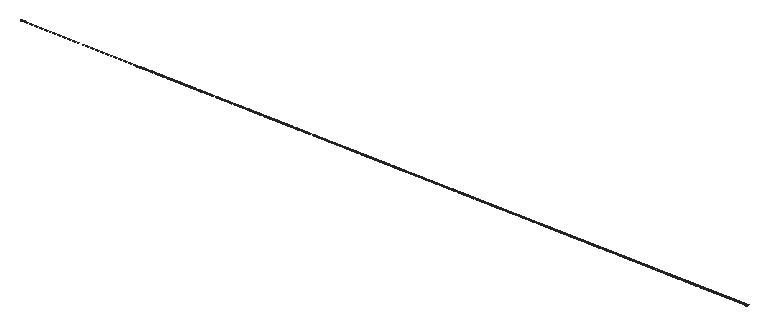
Revit family "0068169", category Lighting Fixtures, host Face, Revit 2017 (continued)
Forms (mm)
  Extrusion 71, solid
    sketch origin (1399.429, 0, 0) x (1, 0, 0) y (0, 1, 0)
      loop
        line (17.9, 1.5) -> (17.9, -1.5) -> (19.9, -1.5) -> (19.9, 1.5) -> (17.9, 1.5)
      loop
        line (34.5, 1.5) -> (34.5, -1.5) -> (36.5, -1.5) -> (36.5, 1.5) -> (34.5, 1.5)
      loop
        line (67.7, 1.5) -> (67.7, -1.5) -> (69.7, -1.5) -> (69.7, 1.5) -> (67.7, 1.5)
      loop
        line (84.3, 1.5) -> (84.3, -1.5) -> (86.3, -1.5) -> (86.3, 1.5) -> (84.3, 1.5)
    from -1.2 to -0.5
  Extrusion 72, solid
    sketch origin (1499.388, 0, 0) x (1, 0, 0) y (0, 1, 0)
      loop
        line (17.9, 1.5) -> (17.9, -1.5) -> (19.9, -1.5) -> (19.9, 1.5) -> (17.9, 1.5)
      loop
        line (34.5, 1.5) -> (34.5, -1.5) -> (36.5, -1.5) -> (36.5, 1.5) -> (34.5, 1.5)
      loop
        line (67.7, 1.5) -> (67.7, -1.5) -> (69.7, -1.5) -> (69.7, 1.5) -> (67.7, 1.5)
      loop
        line (84.3, 1.5) -> (84.3, -1.5) -> (86.3, -1.5) -> (86.3, 1.5) -> (84.3, 1.5)
    from -1.2 to -0.5
  Extrusion 73, solid
    sketch origin (1599.347, 0, 0) x (1, 0, 0) y (0, 1, 0)
      loop
        line (17.9, 1.5) -> (17.9, -1.5) -> (19.9, -1.5) -> (19.9, 1.5) -> (17.9, 1.5)
      loop
        line (34.5, 1.5) -> (34.5, -1.5) -> (36.5, -1.5) -> (36.5, 1.5) -> (34.5, 1.5)
      loop
        line (67.7, 1.5) -> (67.7, -1.5) -> (69.7, -1.5) -> (69.7, 1.5) -> (67.7, 1.5)
      loop
        line (84.3, 1.5) -> (84.3, -1.5) -> (86.3, -1.5) -> (86.3, 1.5) -> (84.3, 1.5)
    from -1.2 to -0.5
  Extrusion 74, solid
    sketch origin (1699.306, 0, 0) x (1, 0, 0) y (0, 1, 0)
      loop
        line (17.9, 1.5) -> (17.9, -1.5) -> (19.9, -1.5) -> (19.9, 1.5) -> (17.9, 1.5)
      loop
        line (34.5, 1.5) -> (34.5, -1.5) -> (36.5, -1.5) -> (36.5, 1.5) -> (34.5, 1.5)
      loop
        line (67.7, 1.5) -> (67.7, -1.5) -> (69.7, -1.5) -> (69.7, 1.5) -> (67.7, 1.5)
      loop
        line (84.3, 1.5) -> (84.3, -1.5) -> (86.3, -1.5) -> (86.3, 1.5) -> (84.3, 1.5)
    from -1.2 to -0.5
  Extrusion 75, solid
    sketch origin (1799.265, 0, 0) x (1, 0, 0) y (0, 1, 0)
      loop
        line (17.9, 1.5) -> (17.9, -1.5) -> (19.9, -1.5) -> (19.9, 1.5) -> (17.9, 1.5)
      loop
        line (34.5, 1.5) -> (34.5, -1.5) -> (36.5, -1.5) -> (36.5, 1.5) -> (34.5, 1.5)
      loop
        line (67.7, 1.5) -> (67.7, -1.5) -> (69.7, -1.5) -> (69.7, 1.5) -> (67.7, 1.5)
      loop
        line (84.3, 1.5) -> (84.3, -1.5) -> (86.3, -1.5) -> (86.3, 1.5) -> (84.3, 1.5)
    from -1.2 to -0.5
  Extrusion 76, solid
    sketch origin (1899.224, 0, 0) x (1, 0, 0) y (0, 1, 0)
      loop
        line (17.9, 1.5) -> (17.9, -1.5) -> (19.9, -1.5) -> (19.9, 1.5) -> (17.9, 1.5)
      loop
        line (34.5, 1.5) -> (34.5, -1.5) -> (36.5, -1.5) -> (36.5, 1.5) -> (34.5, 1.5)
      loop
        line (67.7, 1.5) -> (67.7, -1.5) -> (69.7, -1.5) -> (69.7, 1.5) -> (67.7, 1.5)
      loop
        line (84.3, 1.5) -> (84.3, -1.5) -> (86.3, -1.5) -> (86.3, 1.5) -> (84.3, 1.5)
    from -1.2 to -0.5
  Extrusion 77, solid
    sketch origin (1999.184, 0, 0) x (1, 0, 0) y (0, 1, 0)
      loop
        line (17.9, 1.5) -> (17.9, -1.5) -> (19.9, -1.5) -> (19.9, 1.5) -> (17.9, 1.5)
      loop
        line (34.5, 1.5) -> (34.5, -1.5) -> (36.5, -1.5) -> (36.5, 1.5) -> (34.5, 1.5)
      loop
        line (67.7, 1.5) -> (67.7, -1.5) -> (69.7, -1.5) -> (69.7, 1.5) -> (67.7, 1.5)
      loop
        line (84.3, 1.5) -> (84.3, -1.5) -> (86.3, -1.5) -> (86.3, 1.5) -> (84.3, 1.5)
    from -1.2 to -0.5
  Extrusion 78, solid
    sketch origin (2099.143, 0, 0) x (1, 0, 0) y (0, 1, 0)
      loop
        line (17.9, 1.5) -> (17.9, -1.5) -> (19.9, -1.5) -> (19.9, 1.5) -> (17.9, 1.5)
      loop
        line (34.5, 1.5) -> (34.5, -1.5) -> (36.5, -1.5) -> (36.5, 1.5) -> (34.5, 1.5)
      loop
        line (67.7, 1.5) -> (67.7, -1.5) -> (69.7, -1.5) -> (69.7, 1.5) -> (67.7, 1.5)
      loop
        line (84.3, 1.5) -> (84.3, -1.5) -> (86.3, -1.5) -> (86.3, 1.5) -> (84.3, 1.5)
    from -1.2 to -0.5
  Extrusion 79, solid
    sketch origin (2199.102, 0, 0) x (1, 0, 0) y (0, 1, 0)
      loop
        line (17.9, 1.5) -> (17.9, -1.5) -> (19.9, -1.5) -> (19.9, 1.5) -> (17.9, 1.5)
      loop
        line (34.5, 1.5) -> (34.5, -1.5) -> (36.5, -1.5) -> (36.5, 1.5) -> (34.5, 1.5)
      loop
        line (67.7, 1.5) -> (67.7, -1.5) -> (69.7, -1.5) -> (69.7, 1.5) -> (67.7, 1.5)
      loop
        line (84.3, 1.5) -> (84.3, -1.5) -> (86.3, -1.5) -> (86.3, 1.5) -> (84.3, 1.5)
    from -1.2 to -0.5
  Extrusion 80, solid
    sketch origin (2299.061, 0, 0) x (1, 0, 0) y (0, 1, 0)
      loop
        line (17.9, 1.5) -> (17.9, -1.5) -> (19.9, -1.5) -> (19.9, 1.5) -> (17.9, 1.5)
      loop
        line (34.5, 1.5) -> (34.5, -1.5) -> (36.5, -1.5) -> (36.5, 1.5) -> (34.5, 1.5)
      loop
        line (67.7, 1.5) -> (67.7, -1.5) -> (69.7, -1.5) -> (69.7, 1.5) -> (67.7, 1.5)
      loop
        line (84.3, 1.5) -> (84.3, -1.5) -> (86.3, -1.5) -> (86.3, 1.5) -> (84.3, 1.5)
    from -1.2 to -0.5
  Extrusion 81, solid
    sketch origin (2399.02, 0, 0) x (1, 0, 0) y (0, 1, 0)
      loop
        line (17.9, 1.5) -> (17.9, -1.5) -> (19.9, -1.5) -> (19.9, 1.5) -> (17.9, 1.5)
      loop
        line (34.5, 1.5) -> (34.5, -1.5) -> (36.5, -1.5) -> (36.5, 1.5) -> (34.5, 1.5)
      loop
        line (67.7, 1.5) -> (67.7, -1.5) -> (69.7, -1.5) -> (69.7, 1.5) -> (67.7, 1.5)
      loop
        line (84.3, 1.5) -> (84.3, -1.5) -> (86.3, -1.5) -> (86.3, 1.5) -> (84.3, 1.5)
    from -1.2 to -0.5
  Extrusion 82, solid
    sketch origin (2498.98, 0, 0) x (1, 0, 0) y (0, 1, 0)
      loop
        line (17.9, 1.5) -> (17.9, -1.5) -> (19.9, -1.5) -> (19.9, 1.5) -> (17.9, 1.5)
      loop
        line (34.5, 1.5) -> (34.5, -1.5) -> (36.5, -1.5) -> (36.5, 1.5) -> (34.5, 1.5)
      loop
        line (67.7, 1.5) -> (67.7, -1.5) -> (69.7, -1.5) -> (69.7, 1.5) -> (67.7, 1.5)
      loop
        line (84.3, 1.5) -> (84.3, -1.5) -> (86.3, -1.5) -> (86.3, 1.5) -> (84.3, 1.5)
    from -1.2 to -0.5
  Extrusion 83, solid
    sketch origin (2598.939, 0, 0) x (1, 0, 0) y (0, 1, 0)
      loop
        line (17.9, 1.5) -> (17.9, -1.5) -> (19.9, -1.5) -> (19.9, 1.5) -> (17.9, 1.5)
      loop
        line (34.5, 1.5) -> (34.5, -1.5) -> (36.5, -1.5) -> (36.5, 1.5) -> (34.5, 1.5)
      loop
        line (67.7, 1.5) -> (67.7, -1.5) -> (69.7, -1.5) -> (69.7, 1.5) -> (67.7, 1.5)
      loop
        line (84.3, 1.5) -> (84.3, -1.5) -> (86.3, -1.5) -> (86.3, 1.5) -> (84.3, 1.5)
    from -1.2 to -0.5
  Extrusion 84, solid
    sketch origin (2698.898, 0, 0) x (1, 0, 0) y (0, 1, 0)
      loop
        line (17.9, 1.5) -> (17.9, -1.5) -> (19.9, -1.5) -> (19.9, 1.5) -> (17.9, 1.5)
      loop
        line (34.5, 1.5) -> (34.5, -1.5) -> (36.5, -1.5) -> (36.5, 1.5) -> (34.5, 1.5)
      loop
        line (67.7, 1.5) -> (67.7, -1.5) -> (69.7, -1.5) -> (69.7, 1.5) -> (67.7, 1.5)
      loop
        line (84.3, 1.5) -> (84.3, -1.5) -> (86.3, -1.5) -> (86.3, 1.5) -> (84.3, 1.5)
    from -1.2 to -0.5
  Extrusion 85, solid
    sketch origin (2798.857, 0, 0) x (1, 0, 0) y (0, 1, 0)
      loop
        line (17.9, 1.5) -> (17.9, -1.5) -> (19.9, -1.5) -> (19.9, 1.5) -> (17.9, 1.5)
      loop
        line (34.5, 1.5) -> (34.5, -1.5) -> (36.5, -1.5) -> (36.5, 1.5) -> (34.5, 1.5)
      loop
        line (67.7, 1.5) -> (67.7, -1.5) -> (69.7, -1.5) -> (69.7, 1.5) -> (67.7, 1.5)
      loop
        line (84.3, 1.5) -> (84.3, -1.5) -> (86.3, -1.5) -> (86.3, 1.5) -> (84.3, 1.5)
    from -1.2 to -0.5
  Extrusion 86, solid
    sketch origin (2898.816, 0, 0) x (1, 0, 0) y (0, 1, 0)
      loop
        line (17.9, 1.5) -> (17.9, -1.5) -> (19.9, -1.5) -> (19.9, 1.5) -> (17.9, 1.5)
      loop
        line (34.5, 1.5) -> (34.5, -1.5) -> (36.5, -1.5) -> (36.5, 1.5) -> (34.5, 1.5)
      loop
        line (67.7, 1.5) -> (67.7, -1.5) -> (69.7, -1.5) -> (69.7, 1.5) -> (67.7, 1.5)
      loop
        line (84.3, 1.5) -> (84.3, -1.5) -> (86.3, -1.5) -> (86.3, 1.5) -> (84.3, 1.5)
    from -1.2 to -0.5
  Extrusion 87, solid
    sketch origin (2998.776, 0, 0) x (1, 0, 0) y (0, 1, 0)
      loop
        line (17.9, 1.5) -> (17.9, -1.5) -> (19.9, -1.5) -> (19.9, 1.5) -> (17.9, 1.5)
      loop
        line (34.5, 1.5) -> (34.5, -1.5) -> (36.5, -1.5) -> (36.5, 1.5) -> (34.5, 1.5)
      loop
        line (67.7, 1.5) -> (67.7, -1.5) -> (69.7, -1.5) -> (69.7, 1.5) -> (67.7, 1.5)
      loop
        line (84.3, 1.5) -> (84.3, -1.5) -> (86.3, -1.5) -> (86.3, 1.5) -> (84.3, 1.5)
    from -1.2 to -0.5
  Extrusion 88, solid
    sketch origin (3098.735, 0, 0) x (1, 0, 0) y (0, 1, 0)
      loop
        line (17.9, 1.5) -> (17.9, -1.5) -> (19.9, -1.5) -> (19.9, 1.5) -> (17.9, 1.5)
      loop
        line (34.5, 1.5) -> (34.5, -1.5) -> (36.5, -1.5) -> (36.5, 1.5) -> (34.5, 1.5)
      loop
        line (67.7, 1.5) -> (67.7, -1.5) -> (69.7, -1.5) -> (69.7, 1.5) -> (67.7, 1.5)
      loop
        line (84.3, 1.5) -> (84.3, -1.5) -> (86.3, -1.5) -> (86.3, 1.5) -> (84.3, 1.5)
    from -1.2 to -0.5
  Extrusion 89, solid
    sketch origin (3198.694, 0, 0) x (1, 0, 0) y (0, 1, 0)
      loop
        line (17.9, 1.5) -> (17.9, -1.5) -> (19.9, -1.5) -> (19.9, 1.5) -> (17.9, 1.5)
      loop
        line (34.5, 1.5) -> (34.5, -1.5) -> (36.5, -1.5) -> (36.5, 1.5) -> (34.5, 1.5)
      loop
        line (67.7, 1.5) -> (67.7, -1.5) -> (69.7, -1.5) -> (69.7, 1.5) -> (67.7, 1.5)
      loop
        line (84.3, 1.5) -> (84.3, -1.5) -> (86.3, -1.5) -> (86.3, 1.5) -> (84.3, 1.5)
    from -1.2 to -0.5
  Extrusion 90, solid
    sketch origin (3298.653, 0, 0) x (1, 0, 0) y (0, 1, 0)
      loop
        line (17.9, 1.5) -> (17.9, -1.5) -> (19.9, -1.5) -> (19.9, 1.5) -> (17.9, 1.5)
      loop
        line (34.5, 1.5) -> (34.5, -1.5) -> (36.5, -1.5) -> (36.5, 1.5) -> (34.5, 1.5)
      loop
        line (67.7, 1.5) -> (67.7, -1.5) -> (69.7, -1.5) -> (69.7, 1.5) -> (67.7, 1.5)
      loop
        line (84.3, 1.5) -> (84.3, -1.5) -> (86.3, -1.5) -> (86.3, 1.5) -> (84.3, 1.5)
    from -1.2 to -0.5
  Extrusion 91, solid
    sketch origin (3398.612, 0, 0) x (1, 0, 0) y (0, 1, 0)
      loop
        line (17.9, 1.5) -> (17.9, -1.5) -> (19.9, -1.5) -> (19.9, 1.5) -> (17.9, 1.5)
      loop
        line (34.5, 1.5) -> (34.5, -1.5) -> (36.5, -1.5) -> (36.5, 1.5) -> (34.5, 1.5)
      loop
        line (67.7, 1.5) -> (67.7, -1.5) -> (69.7, -1.5) -> (69.7, 1.5) -> (67.7, 1.5)
      loop
        line (84.3, 1.5) -> (84.3, -1.5) -> (86.3, -1.5) -> (86.3, 1.5) -> (84.3, 1.5)
    from -1.2 to -0.5
  Extrusion 92, solid
    sketch origin (3498.571, 0, 0) x (1, 0, 0) y (0, 1, 0)
      loop
        line (17.9, 1.5) -> (17.9, -1.5) -> (19.9, -1.5) -> (19.9, 1.5) -> (17.9, 1.5)
      loop
        line (34.5, 1.5) -> (34.5, -1.5) -> (36.5, -1.5) -> (36.5, 1.5) -> (34.5, 1.5)
      loop
        line (67.7, 1.5) -> (67.7, -1.5) -> (69.7, -1.5) -> (69.7, 1.5) -> (67.7, 1.5)
      loop
        line (84.3, 1.5) -> (84.3, -1.5) -> (86.3, -1.5) -> (86.3, 1.5) -> (84.3, 1.5)
    from -1.2 to -0.5
  Extrusion 93, solid
    sketch origin (3598.531, 0, 0) x (1, 0, 0) y (0, 1, 0)
      loop
        line (17.9, 1.5) -> (17.9, -1.5) -> (19.9, -1.5) -> (19.9, 1.5) -> (17.9, 1.5)
      loop
        line (34.5, 1.5) -> (34.5, -1.5) -> (36.5, -1.5) -> (36.5, 1.5) -> (34.5, 1.5)
      loop
        line (67.7, 1.5) -> (67.7, -1.5) -> (69.7, -1.5) -> (69.7, 1.5) -> (67.7, 1.5)
      loop
        line (84.3, 1.5) -> (84.3, -1.5) -> (86.3, -1.5) -> (86.3, 1.5) -> (84.3, 1.5)
    from -1.2 to -0.5
  Extrusion 94, solid
    sketch origin (3698.49, 0, 0) x (1, 0, 0) y (0, 1, 0)
      loop
        line (17.9, 1.5) -> (17.9, -1.5) -> (19.9, -1.5) -> (19.9, 1.5) -> (17.9, 1.5)
      loop
        line (34.5, 1.5) -> (34.5, -1.5) -> (36.5, -1.5) -> (36.5, 1.5) -> (34.5, 1.5)
      loop
        line (67.7, 1.5) -> (67.7, -1.5) -> (69.7, -1.5) -> (69.7, 1.5) -> (67.7, 1.5)
      loop
        line (84.3, 1.5) -> (84.3, -1.5) -> (86.3, -1.5) -> (86.3, 1.5) -> (84.3, 1.5)
    from -1.2 to -0.5
  Extrusion 95, solid
    sketch origin (3798.449, 0, 0) x (1, 0, 0) y (0, 1, 0)
      loop
        line (17.9, 1.5) -> (17.9, -1.5) -> (19.9, -1.5) -> (19.9, 1.5) -> (17.9, 1.5)
      loop
        line (34.5, 1.5) -> (34.5, -1.5) -> (36.5, -1.5) -> (36.5, 1.5) -> (34.5, 1.5)
      loop
        line (67.7, 1.5) -> (67.7, -1.5) -> (69.7, -1.5) -> (69.7, 1.5) -> (67.7, 1.5)
      loop
        line (84.3, 1.5) -> (84.3, -1.5) -> (86.3, -1.5) -> (86.3, 1.5) -> (84.3, 1.5)
    from -1.2 to -0.5
  Extrusion 96, solid
    sketch origin (3898.408, 0, 0) x (1, 0, 0) y (0, 1, 0)
      loop
        line (17.9, 1.5) -> (17.9, -1.5) -> (19.9, -1.5) -> (19.9, 1.5) -> (17.9, 1.5)
      loop
        line (34.5, 1.5) -> (34.5, -1.5) -> (36.5, -1.5) -> (36.5, 1.5) -> (34.5, 1.5)
      loop
        line (67.7, 1.5) -> (67.7, -1.5) -> (69.7, -1.5) -> (69.7, 1.5) -> (67.7, 1.5)
      loop
        line (84.3, 1.5) -> (84.3, -1.5) -> (86.3, -1.5) -> (86.3, 1.5) -> (84.3, 1.5)
    from -1.2 to -0.5
  Extrusion 97, solid
    sketch origin (3998.367, 0, 0) x (1, 0, 0) y (0, 1, 0)
      loop
        line (17.9, 1.5) -> (17.9, -1.5) -> (19.9, -1.5) -> (19.9, 1.5) -> (17.9, 1.5)
      loop
        line (34.5, 1.5) -> (34.5, -1.5) -> (36.5, -1.5) -> (36.5, 1.5) -> (34.5, 1.5)
      loop
        line (67.7, 1.5) -> (67.7, -1.5) -> (69.7, -1.5) -> (69.7, 1.5) -> (67.7, 1.5)
      loop
        line (84.3, 1.5) -> (84.3, -1.5) -> (86.3, -1.5) -> (86.3, 1.5) -> (84.3, 1.5)
    from -1.2 to -0.5
  Extrusion 98, solid
    sketch origin (4098.327, 0, 0) x (1, 0, 0) y (0, 1, 0)
      loop
        line (17.9, 1.5) -> (17.9, -1.5) -> (19.9, -1.5) -> (19.9, 1.5) -> (17.9, 1.5)
      loop
        line (34.5, 1.5) -> (34.5, -1.5) -> (36.5, -1.5) -> (36.5, 1.5) -> (34.5, 1.5)
      loop
        line (67.7, 1.5) -> (67.7, -1.5) -> (69.7, -1.5) -> (69.7, 1.5) -> (67.7, 1.5)
      loop
        line (84.3, 1.5) -> (84.3, -1.5) -> (86.3, -1.5) -> (86.3, 1.5) -> (84.3, 1.5)
    from -1.2 to -0.5
  Extrusion 99, solid
    sketch origin (4198.286, 0, 0) x (1, 0, 0) y (0, 1, 0)
      loop
        line (17.9, 1.5) -> (17.9, -1.5) -> (19.9, -1.5) -> (19.9, 1.5) -> (17.9, 1.5)
      loop
        line (34.5, 1.5) -> (34.5, -1.5) -> (36.5, -1.5) -> (36.5, 1.5) -> (34.5, 1.5)
      loop
        line (67.7, 1.5) -> (67.7, -1.5) -> (69.7, -1.5) -> (69.7, 1.5) -> (67.7, 1.5)
      loop
        line (84.3, 1.5) -> (84.3, -1.5) -> (86.3, -1.5) -> (86.3, 1.5) -> (84.3, 1.5)
    from -1.2 to -0.5
  Extrusion 100, solid
    sketch origin (4298.245, 0, 0) x (1, 0, 0) y (0, 1, 0)
      loop
        line (17.9, 1.5) -> (17.9, -1.5) -> (19.9, -1.5) -> (19.9, 1.5) -> (17.9, 1.5)
      loop
        line (34.5, 1.5) -> (34.5, -1.5) -> (36.5, -1.5) -> (36.5, 1.5) -> (34.5, 1.5)
      loop
        line (67.7, 1.5) -> (67.7, -1.5) -> (69.7, -1.5) -> (69.7, 1.5) -> (67.7, 1.5)
      loop
        line (84.3, 1.5) -> (84.3, -1.5) -> (86.3, -1.5) -> (86.3, 1.5) -> (84.3, 1.5)
    from -1.2 to -0.5
  Extrusion 101, solid
    sketch origin (4398.204, 0, 0) x (1, 0, 0) y (0, 1, 0)
      loop
        line (17.9, 1.5) -> (17.9, -1.5) -> (19.9, -1.5) -> (19.9, 1.5) -> (17.9, 1.5)
      loop
        line (34.5, 1.5) -> (34.5, -1.5) -> (36.5, -1.5) -> (36.5, 1.5) -> (34.5, 1.5)
      loop
        line (67.7, 1.5) -> (67.7, -1.5) -> (69.7, -1.5) -> (69.7, 1.5) -> (67.7, 1.5)
      loop
        line (84.3, 1.5) -> (84.3, -1.5) -> (86.3, -1.5) -> (86.3, 1.5) -> (84.3, 1.5)
    from -1.2 to -0.5
  Extrusion 102, solid
    sketch origin (4498.163, 0, 0) x (1, 0, 0) y (0, 1, 0)
      loop
        line (17.9, 1.5) -> (17.9, -1.5) -> (19.9, -1.5) -> (19.9, 1.5) -> (17.9, 1.5)
      loop
        line (34.5, 1.5) -> (34.5, -1.5) -> (36.5, -1.5) -> (36.5, 1.5) -> (34.5, 1.5)
      loop
        line (67.7, 1.5) -> (67.7, -1.5) -> (69.7, -1.5) -> (69.7, 1.5) -> (67.7, 1.5)
      loop
        line (84.3, 1.5) -> (84.3, -1.5) -> (86.3, -1.5) -> (86.3, 1.5) -> (84.3, 1.5)
    from -1.2 to -0.5
  Extrusion 103, solid
    sketch origin (4598.122, 0, 0) x (1, 0, 0) y (0, 1, 0)
      loop
        line (17.9, 1.5) -> (17.9, -1.5) -> (19.9, -1.5) -> (19.9, 1.5) -> (17.9, 1.5)
      loop
        line (34.5, 1.5) -> (34.5, -1.5) -> (36.5, -1.5) -> (36.5, 1.5) -> (34.5, 1.5)
      loop
        line (67.7, 1.5) -> (67.7, -1.5) -> (69.7, -1.5) -> (69.7, 1.5) -> (67.7, 1.5)
      loop
        line (84.3, 1.5) -> (84.3, -1.5) -> (86.3, -1.5) -> (86.3, 1.5) -> (84.3, 1.5)
    from -1.2 to -0.5
  Extrusion 104, solid
    sketch origin (4698.082, 0, 0) x (1, 0, 0) y (0, 1, 0)
      loop
        line (17.9, 1.5) -> (17.9, -1.5) -> (19.9, -1.5) -> (19.9, 1.5) -> (17.9, 1.5)
      loop
        line (34.5, 1.5) -> (34.5, -1.5) -> (36.5, -1.5) -> (36.5, 1.5) -> (34.5, 1.5)
      loop
        line (67.7, 1.5) -> (67.7, -1.5) -> (69.7, -1.5) -> (69.7, 1.5) -> (67.7, 1.5)
      loop
        line (84.3, 1.5) -> (84.3, -1.5) -> (86.3, -1.5) -> (86.3, 1.5) -> (84.3, 1.5)
    from -1.2 to -0.5
  Extrusion 105, solid
    sketch origin (4798.041, 0, 0) x (1, 0, 0) y (0, 1, 0)
      loop
        line (17.9, 1.5) -> (17.9, -1.5) -> (19.9, -1.5) -> (19.9, 1.5) -> (17.9, 1.5)
      loop
        line (34.5, 1.5) -> (34.5, -1.5) -> (36.5, -1.5) -> (36.5, 1.5) -> (34.5, 1.5)
      loop
        line (67.7, 1.5) -> (67.7, -1.5) -> (69.7, -1.5) -> (69.7, 1.5) -> (67.7, 1.5)
      loop
        line (84.3, 1.5) -> (84.3, -1.5) -> (86.3, -1.5) -> (86.3, 1.5) -> (84.3, 1.5)
    from -1.2 to -0.5
Dimensions and locks
  "CABLE_LENGHT_SYL": plane 8 to plane 3 "Center (Left/Right)"
  "CABLE_FIX_SYL": plane 3 "Center (Left/Right)" to plane 7
  "LUM_WIDTH_SYL": plane 6 to plane 1 "Center (Front/Back)" to plane 5
  "CABLE_BLEND_SYL": plane 9 to plane 3 "Center (Left/Right)"
  "CABLE_END_SYL": plane 8 to plane 10
  "LUM_LENGHT_SYL": plane 3 "Center (Left/Right)" to plane 4
  "CABLE_DIST_SYL": plane 12 to plane 1 "Center (Front/Back)" to plane 11
  "CABLE_DIST2_SYL": plane 13 to plane 5
  "CABLE_DIST2_SYL": plane 6 to plane 14
  "LED_DIST1_SYL": plane 3 "Center (Left/Right)" to plane 15
  "LED_DIST_SYL": plane 15 to plane 16 to plane 17 to plane 18 to plane 19 to plane 20
  "LED_DIST_SYL": plane 35 to plane 36
  "LED_DIST_SYL": plane 37 to plane 38
  "LED_2_DIST_SYL": plane 36 to plane 37
  "LED_CH_S_WIDTH_SYL": plane 48 to plane 1 "Center (Front/Back)" to plane 47
  "LED_CH_L_WIDTH_SYL": plane 22 to plane 1 "Center (Front/Back)" to plane 21
  "LED_CH_L_DEPTH_SYL": plane 24 to plane 15 to plane 23
  "LED_CH_L_DEPTH_SYL": plane 26 to plane 16 to plane 25
  "LED_CH_L_DEPTH_SYL": plane 28 to plane 17 to plane 27
  "LED_CH_L_DEPTH_SYL": plane 29 to plane 18 to plane 30
  "LED_CH_L_DEPTH_SYL": plane 31 to plane 19 to plane 32
  "LED_CH_L_DEPTH_SYL": plane 34 to plane 20 to plane 33
  "LED_CH_S_DEPTH_SYL": plane 40 to plane 35 to plane 39
  "LED_CH_S_DEPTH_SYL": plane 41 to plane 36 to plane 42
  "LED_CH_S_DEPTH_SYL": plane 44 to plane 37 to plane 43
  "LED_CH_S_DEPTH_SYL": plane 45 to plane 38 to plane 46
  equal spacing: group 1, group 3, group 4, group 5, group 6, group 7, group 8, group 9, group 10, group 11, group 12, group 13, group 14, group 15, group 16, group 17, group 18, group 19, group 20, group 21, group 22, group 23, group 24, group 25, group 26, group 27, group 28, group 29, group 30, group 31, group 32, group 33, group 34, group 35, group 36, group 37, group 38, group 39, group 40, group 41, group 42, group 43, group 44, group 45, group 46, group 47, group 48, group 49, group 50, group 2  (x3)
  equal spacing: group 51, group 53, group 54, group 55, group 56, group 57, group 58, group 59, group 60, group 61, group 62, group 63, group 64, group 65, group 66, group 67, group 68, group 69, group 70, group 71, group 72, group 73, group 74, group 75, group 76, group 77, group 78, group 79, group 80, group 81, group 82, group 83, group 84, group 85, group 86, group 87, group 88, group 89, group 90, group 91, group 92, group 93, group 94, group 95, group 96, group 97, group 98, group 99, group 100, group 52  (x3)
  "PHOTOMETRY1_SYL": imposter light to plane 4
  "PHOTOMETRY2_SYL": imposter light to Extrusion 1
  "PHOTOMETRY3_SYL": Extrusion 30 to imposter light
  aligned and locked: host face to plane 2
  aligned and locked: host face to level
  aligned and locked: Extrusion 1 sketch curve to plane 4
  aligned and locked: plane 3 "Center (Left/Right)" to Extrusion 1 sketch curve
  aligned and locked: Revolve 4 sketch curve to plane 11
  aligned and locked: Sweep 2 to Revolve 4 sketch curve
  aligned and locked: plane 13 to Revolve 4 sketch curve
  aligned and locked: plane 8 to Revolve 4 sketch curve
  aligned and locked: Revolve 5 sketch curve to plane 12  (x2)
  aligned and locked: Revolve 5 sketch curve to Sweep 3
  aligned and locked: plane 14 to Revolve 5 sketch curve
  aligned and locked: Revolve 5 sketch curve to plane 8
Automatic sketch dimensions
  plane 6 to Extrusion 1 sketch curve = 0 mm
  plane 5 to Extrusion 1 sketch curve = 0 mm
  Sweep 2 sketch curve to plane 10 = 0 mm
  Sweep 2 sketch curve to plane 9 = 0 mm
  Sweep 2 sketch curve to plane 3 "Center (Left/Right)" = 0 mm
  Sweep 2 sketch curve to plane 7 = 0 mm
  plane 11 to Sweep 2 sketch curve = 0 mm
  plane 13 to Sweep 2 sketch curve = 0 mm
  Sweep 3 sketch curve to plane 10 = 0 mm
  Sweep 3 sketch curve to plane 9 = 0 mm
  Sweep 3 sketch curve to plane 3 "Center (Left/Right)" = 0 mm
  Sweep 3 sketch curve to plane 7 = 0 mm
  plane 14 to Sweep 3 sketch curve = 0 mm
  plane 12 to Sweep 3 sketch curve = 0 mm
  level to Sweep 3 sketch curve = 0 mm
  Sweep 3 sketch curve to profile plane = 0 mm
  Sweep 2 sketch curve to level = 0 mm
  Sweep 2 sketch curve to profile plane = 0 mm
  host sketch curve to host sketch curve = 6451.645 mm
  host sketch curve to host sketch curve = 2438.4 mm
  Revolve 5 sketch curve to plane 8 = 1324 mm
  plane 7 to Revolve 5 sketch curve = 1523 mm
  Extrusion 6 sketch curve to Extrusion 6 sketch curve = 2.8 mm  (x6)
  Extrusion 6 sketch curve to Extrusion 6 sketch curve = 13.8 mm  (x5)
  Extrusion 6 sketch curve to Extrusion 6 sketch curve = 0 mm  (x5)
  Extrusion 6 sketch curve to Extrusion 6 sketch curve = 3.4 mm  (x6)
  Extrusion 8 sketch curve to Extrusion 8 sketch curve = 2.8 mm  (x6)
  Extrusion 8 sketch curve to Extrusion 8 sketch curve = 13.8 mm  (x5)
  Extrusion 8 sketch curve to Extrusion 8 sketch curve = 0 mm  (x5)
  Extrusion 8 sketch curve to Extrusion 8 sketch curve = 3.4 mm  (x6)
  Extrusion 9 sketch curve to Extrusion 9 sketch curve = 2.8 mm  (x6)
  Extrusion 9 sketch curve to Extrusion 9 sketch curve = 13.8 mm  (x5)
  Extrusion 9 sketch curve to Extrusion 9 sketch curve = 0 mm  (x5)
  Extrusion 9 sketch curve to Extrusion 9 sketch curve = 3.4 mm  (x6)
  Extrusion 10 sketch curve to Extrusion 10 sketch curve = 2.8 mm  (x6)
  Extrusion 10 sketch curve to Extrusion 10 sketch curve = 13.8 mm  (x5)
  Extrusion 10 sketch curve to Extrusion 10 sketch curve = 0 mm  (x5)
  Extrusion 10 sketch curve to Extrusion 10 sketch curve = 3.4 mm  (x6)
  Extrusion 11 sketch curve to Extrusion 11 sketch curve = 2.8 mm  (x6)
  Extrusion 11 sketch curve to Extrusion 11 sketch curve = 13.8 mm  (x5)
  Extrusion 11 sketch curve to Extrusion 11 sketch curve = 0 mm  (x5)
  Extrusion 11 sketch curve to Extrusion 11 sketch curve = 3.4 mm  (x6)
  Extrusion 12 sketch curve to Extrusion 12 sketch curve = 2.8 mm  (x6)
  Extrusion 12 sketch curve to Extrusion 12 sketch curve = 13.8 mm  (x5)
  Extrusion 12 sketch curve to Extrusion 12 sketch curve = 0 mm  (x5)
  Extrusion 12 sketch curve to Extrusion 12 sketch curve = 3.4 mm  (x6)
  Extrusion 13 sketch curve to Extrusion 13 sketch curve = 2.8 mm  (x6)
  Extrusion 13 sketch curve to Extrusion 13 sketch curve = 13.8 mm  (x5)
  Extrusion 13 sketch curve to Extrusion 13 sketch curve = 0 mm  (x5)
  Extrusion 13 sketch curve to Extrusion 13 sketch curve = 3.4 mm  (x6)
  Extrusion 14 sketch curve to Extrusion 14 sketch curve = 2.8 mm  (x6)
  Extrusion 14 sketch curve to Extrusion 14 sketch curve = 13.8 mm  (x5)
  Extrusion 14 sketch curve to Extrusion 14 sketch curve = 0 mm  (x5)
  Extrusion 14 sketch curve to Extrusion 14 sketch curve = 3.4 mm  (x6)
  Extrusion 15 sketch curve to Extrusion 15 sketch curve = 2.8 mm  (x6)
  Extrusion 15 sketch curve to Extrusion 15 sketch curve = 13.8 mm  (x5)
  Extrusion 15 sketch curve to Extrusion 15 sketch curve = 0 mm  (x5)
  Extrusion 15 sketch curve to Extrusion 15 sketch curve = 3.4 mm  (x6)
  Extrusion 16 sketch curve to Extrusion 16 sketch curve = 2.8 mm  (x6)
  Extrusion 16 sketch curve to Extrusion 16 sketch curve = 13.8 mm  (x5)
  Extrusion 16 sketch curve to Extrusion 16 sketch curve = 0 mm  (x5)
  Extrusion 16 sketch curve to Extrusion 16 sketch curve = 3.4 mm  (x6)
  Extrusion 17 sketch curve to Extrusion 17 sketch curve = 2.8 mm  (x6)
  Extrusion 17 sketch curve to Extrusion 17 sketch curve = 13.8 mm  (x5)
  Extrusion 17 sketch curve to Extrusion 17 sketch curve = 0 mm  (x5)
  Extrusion 17 sketch curve to Extrusion 17 sketch curve = 3.4 mm  (x6)
  Extrusion 18 sketch curve to Extrusion 18 sketch curve = 2.8 mm  (x6)
  Extrusion 18 sketch curve to Extrusion 18 sketch curve = 13.8 mm  (x5)
  Extrusion 18 sketch curve to Extrusion 18 sketch curve = 0 mm  (x5)
  Extrusion 18 sketch curve to Extrusion 18 sketch curve = 3.4 mm  (x6)
  Extrusion 19 sketch curve to Extrusion 19 sketch curve = 2.8 mm  (x6)
  Extrusion 19 sketch curve to Extrusion 19 sketch curve = 13.8 mm  (x5)
  Extrusion 19 sketch curve to Extrusion 19 sketch curve = 0 mm  (x5)
  Extrusion 19 sketch curve to Extrusion 19 sketch curve = 3.4 mm  (x6)
  Extrusion 20 sketch curve to Extrusion 20 sketch curve = 2.8 mm  (x6)
  Extrusion 20 sketch curve to Extrusion 20 sketch curve = 13.8 mm  (x5)
  Extrusion 20 sketch curve to Extrusion 20 sketch curve = 0 mm  (x5)
  Extrusion 20 sketch curve to Extrusion 20 sketch curve = 3.4 mm  (x6)
  Extrusion 21 sketch curve to Extrusion 21 sketch curve = 2.8 mm  (x6)
  Extrusion 21 sketch curve to Extrusion 21 sketch curve = 13.8 mm  (x5)
  Extrusion 21 sketch curve to Extrusion 21 sketch curve = 0 mm  (x5)
  Extrusion 21 sketch curve to Extrusion 21 sketch curve = 3.4 mm  (x6)
  Extrusion 22 sketch curve to Extrusion 22 sketch curve = 2.8 mm  (x6)
  Extrusion 22 sketch curve to Extrusion 22 sketch curve = 13.8 mm  (x5)
  Extrusion 22 sketch curve to Extrusion 22 sketch curve = 0 mm  (x5)
  Extrusion 22 sketch curve to Extrusion 22 sketch curve = 3.4 mm  (x6)
  Extrusion 23 sketch curve to Extrusion 23 sketch curve = 2.8 mm  (x6)
  Extrusion 23 sketch curve to Extrusion 23 sketch curve = 13.8 mm  (x5)
  Extrusion 23 sketch curve to Extrusion 23 sketch curve = 0 mm  (x5)
  Extrusion 23 sketch curve to Extrusion 23 sketch curve = 3.4 mm  (x6)
  Extrusion 24 sketch curve to Extrusion 24 sketch curve = 2.8 mm  (x6)
  Extrusion 24 sketch curve to Extrusion 24 sketch curve = 13.8 mm  (x5)
  Extrusion 24 sketch curve to Extrusion 24 sketch curve = 0 mm  (x5)
  Extrusion 24 sketch curve to Extrusion 24 sketch curve = 3.4 mm  (x6)
  Extrusion 25 sketch curve to Extrusion 25 sketch curve = 2.8 mm  (x6)
  Extrusion 25 sketch curve to Extrusion 25 sketch curve = 13.8 mm  (x5)
  Extrusion 25 sketch curve to Extrusion 25 sketch curve = 0 mm  (x5)
  Extrusion 25 sketch curve to Extrusion 25 sketch curve = 3.4 mm  (x6)
  Extrusion 26 sketch curve to Extrusion 26 sketch curve = 2.8 mm  (x6)
  Extrusion 26 sketch curve to Extrusion 26 sketch curve = 13.8 mm  (x5)
  Extrusion 26 sketch curve to Extrusion 26 sketch curve = 0 mm  (x5)
  Extrusion 26 sketch curve to Extrusion 26 sketch curve = 3.4 mm  (x6)
  Extrusion 27 sketch curve to Extrusion 27 sketch curve = 2.8 mm  (x6)
  Extrusion 27 sketch curve to Extrusion 27 sketch curve = 13.8 mm  (x5)
  Extrusion 27 sketch curve to Extrusion 27 sketch curve = 0 mm  (x5)
  Extrusion 27 sketch curve to Extrusion 27 sketch curve = 3.4 mm  (x6)
  Extrusion 28 sketch curve to Extrusion 28 sketch curve = 2.8 mm  (x6)
  Extrusion 28 sketch curve to Extrusion 28 sketch curve = 13.8 mm  (x5)
  Extrusion 28 sketch curve to Extrusion 28 sketch curve = 0 mm  (x5)
  Extrusion 28 sketch curve to Extrusion 28 sketch curve = 3.4 mm  (x6)
  Extrusion 29 sketch curve to Extrusion 29 sketch curve = 2.8 mm  (x6)
  Extrusion 29 sketch curve to Extrusion 29 sketch curve = 13.8 mm  (x5)
  Extrusion 29 sketch curve to Extrusion 29 sketch curve = 0 mm  (x5)
  Extrusion 29 sketch curve to Extrusion 29 sketch curve = 3.4 mm  (x6)
  Extrusion 30 sketch curve to Extrusion 30 sketch curve = 2.8 mm  (x6)
  Extrusion 30 sketch curve to Extrusion 30 sketch curve = 13.8 mm  (x5)
  Extrusion 30 sketch curve to Extrusion 30 sketch curve = 0 mm  (x5)
  Extrusion 30 sketch curve to Extrusion 30 sketch curve = 3.4 mm  (x6)
  Extrusion 31 sketch curve to Extrusion 31 sketch curve = 2.8 mm  (x6)
  Extrusion 31 sketch curve to Extrusion 31 sketch curve = 13.8 mm  (x5)
  Extrusion 31 sketch curve to Extrusion 31 sketch curve = 0 mm  (x5)
  Extrusion 31 sketch curve to Extrusion 31 sketch curve = 3.4 mm  (x6)
  Extrusion 32 sketch curve to Extrusion 32 sketch curve = 2.8 mm  (x6)
  Extrusion 32 sketch curve to Extrusion 32 sketch curve = 13.8 mm  (x5)
  Extrusion 32 sketch curve to Extrusion 32 sketch curve = 0 mm  (x5)
  Extrusion 32 sketch curve to Extrusion 32 sketch curve = 3.4 mm  (x6)
  Extrusion 33 sketch curve to Extrusion 33 sketch curve = 2.8 mm  (x6)
  Extrusion 33 sketch curve to Extrusion 33 sketch curve = 13.8 mm  (x5)
  Extrusion 33 sketch curve to Extrusion 33 sketch curve = 0 mm  (x5)
  Extrusion 33 sketch curve to Extrusion 33 sketch curve = 3.4 mm  (x6)
  Extrusion 34 sketch curve to Extrusion 34 sketch curve = 2.8 mm  (x6)
  Extrusion 34 sketch curve to Extrusion 34 sketch curve = 13.8 mm  (x5)
  Extrusion 34 sketch curve to Extrusion 34 sketch curve = 0 mm  (x5)
  Extrusion 34 sketch curve to Extrusion 34 sketch curve = 3.4 mm  (x6)
  Extrusion 35 sketch curve to Extrusion 35 sketch curve = 2.8 mm  (x6)
  Extrusion 35 sketch curve to Extrusion 35 sketch curve = 13.8 mm  (x5)
  Extrusion 35 sketch curve to Extrusion 35 sketch curve = 0 mm  (x5)
  Extrusion 35 sketch curve to Extrusion 35 sketch curve = 3.4 mm  (x6)
  Extrusion 36 sketch curve to Extrusion 36 sketch curve = 2.8 mm  (x6)
  Extrusion 36 sketch curve to Extrusion 36 sketch curve = 13.8 mm  (x5)
  Extrusion 36 sketch curve to Extrusion 36 sketch curve = 0 mm  (x5)
  Extrusion 36 sketch curve to Extrusion 36 sketch curve = 3.4 mm  (x6)
  Extrusion 37 sketch curve to Extrusion 37 sketch curve = 2.8 mm  (x6)
  Extrusion 37 sketch curve to Extrusion 37 sketch curve = 13.8 mm  (x5)
  Extrusion 37 sketch curve to Extrusion 37 sketch curve = 0 mm  (x5)
  Extrusion 37 sketch curve to Extrusion 37 sketch curve = 3.4 mm  (x6)
  Extrusion 38 sketch curve to Extrusion 38 sketch curve = 2.8 mm  (x6)
  Extrusion 38 sketch curve to Extrusion 38 sketch curve = 13.8 mm  (x5)
  Extrusion 38 sketch curve to Extrusion 38 sketch curve = 0 mm  (x5)
  Extrusion 38 sketch curve to Extrusion 38 sketch curve = 3.4 mm  (x6)
  Extrusion 39 sketch curve to Extrusion 39 sketch curve = 2.8 mm  (x6)
  Extrusion 39 sketch curve to Extrusion 39 sketch curve = 13.8 mm  (x5)
  Extrusion 39 sketch curve to Extrusion 39 sketch curve = 0 mm  (x5)
  Extrusion 39 sketch curve to Extrusion 39 sketch curve = 3.4 mm  (x6)
  Extrusion 40 sketch curve to Extrusion 40 sketch curve = 2.8 mm  (x6)
  Extrusion 40 sketch curve to Extrusion 40 sketch curve = 13.8 mm  (x5)
  Extrusion 40 sketch curve to Extrusion 40 sketch curve = 0 mm  (x5)
  Extrusion 40 sketch curve to Extrusion 40 sketch curve = 3.4 mm  (x6)
  Extrusion 41 sketch curve to Extrusion 41 sketch curve = 2.8 mm  (x6)
  Extrusion 41 sketch curve to Extrusion 41 sketch curve = 13.8 mm  (x5)
  Extrusion 41 sketch curve to Extrusion 41 sketch curve = 0 mm  (x5)
  Extrusion 41 sketch curve to Extrusion 41 sketch curve = 3.4 mm  (x6)
  Extrusion 42 sketch curve to Extrusion 42 sketch curve = 2.8 mm  (x6)
  Extrusion 42 sketch curve to Extrusion 42 sketch curve = 13.8 mm  (x5)
  Extrusion 42 sketch curve to Extrusion 42 sketch curve = 0 mm  (x5)
  Extrusion 42 sketch curve to Extrusion 42 sketch curve = 3.4 mm  (x6)
  Extrusion 43 sketch curve to Extrusion 43 sketch curve = 2.8 mm  (x6)
  Extrusion 43 sketch curve to Extrusion 43 sketch curve = 13.8 mm  (x5)
  Extrusion 43 sketch curve to Extrusion 43 sketch curve = 0 mm  (x5)
  Extrusion 43 sketch curve to Extrusion 43 sketch curve = 3.4 mm  (x6)
  Extrusion 44 sketch curve to Extrusion 44 sketch curve = 2.8 mm  (x6)
  Extrusion 44 sketch curve to Extrusion 44 sketch curve = 13.8 mm  (x5)
  Extrusion 44 sketch curve to Extrusion 44 sketch curve = 0 mm  (x5)
  Extrusion 44 sketch curve to Extrusion 44 sketch curve = 3.4 mm  (x6)
  Extrusion 45 sketch curve to Extrusion 45 sketch curve = 2.8 mm  (x6)
  Extrusion 45 sketch curve to Extrusion 45 sketch curve = 13.8 mm  (x5)
  Extrusion 45 sketch curve to Extrusion 45 sketch curve = 0 mm  (x5)
  Extrusion 45 sketch curve to Extrusion 45 sketch curve = 3.4 mm  (x6)
  Extrusion 46 sketch curve to Extrusion 46 sketch curve = 2.8 mm  (x6)
  Extrusion 46 sketch curve to Extrusion 46 sketch curve = 13.8 mm  (x5)
  Extrusion 46 sketch curve to Extrusion 46 sketch curve = 0 mm  (x5)
  Extrusion 46 sketch curve to Extrusion 46 sketch curve = 3.4 mm  (x6)
  Extrusion 47 sketch curve to Extrusion 47 sketch curve = 2.8 mm  (x6)
  Extrusion 47 sketch curve to Extrusion 47 sketch curve = 13.8 mm  (x5)
  Extrusion 47 sketch curve to Extrusion 47 sketch curve = 0 mm  (x5)
  Extrusion 47 sketch curve to Extrusion 47 sketch curve = 3.4 mm  (x6)
  Extrusion 48 sketch curve to Extrusion 48 sketch curve = 2.8 mm  (x6)
  Extrusion 48 sketch curve to Extrusion 48 sketch curve = 13.8 mm  (x5)
  Extrusion 48 sketch curve to Extrusion 48 sketch curve = 0 mm  (x5)
  Extrusion 48 sketch curve to Extrusion 48 sketch curve = 3.4 mm  (x6)
  Extrusion 49 sketch curve to Extrusion 49 sketch curve = 2.8 mm  (x6)
  Extrusion 49 sketch curve to Extrusion 49 sketch curve = 13.8 mm  (x5)
  Extrusion 49 sketch curve to Extrusion 49 sketch curve = 0 mm  (x5)
  Extrusion 49 sketch curve to Extrusion 49 sketch curve = 3.4 mm  (x6)
  Extrusion 50 sketch curve to Extrusion 50 sketch curve = 2.8 mm  (x6)
  Extrusion 50 sketch curve to Extrusion 50 sketch curve = 13.8 mm  (x5)
  Extrusion 50 sketch curve to Extrusion 50 sketch curve = 0 mm  (x5)
  Extrusion 50 sketch curve to Extrusion 50 sketch curve = 3.4 mm  (x6)
  Extrusion 51 sketch curve to Extrusion 51 sketch curve = 2.8 mm  (x6)
  Extrusion 51 sketch curve to Extrusion 51 sketch curve = 13.8 mm  (x5)
  Extrusion 51 sketch curve to Extrusion 51 sketch curve = 0 mm  (x5)
  Extrusion 51 sketch curve to Extrusion 51 sketch curve = 3.4 mm  (x6)
  Extrusion 52 sketch curve to Extrusion 52 sketch curve = 2.8 mm  (x6)
  Extrusion 52 sketch curve to Extrusion 52 sketch curve = 13.8 mm  (x5)
  Extrusion 52 sketch curve to Extrusion 52 sketch curve = 0 mm  (x5)
  Extrusion 52 sketch curve to Extrusion 52 sketch curve = 3.4 mm  (x6)
  Extrusion 53 sketch curve to Extrusion 53 sketch curve = 2.8 mm  (x6)
  Extrusion 53 sketch curve to Extrusion 53 sketch curve = 13.8 mm  (x5)
  Extrusion 53 sketch curve to Extrusion 53 sketch curve = 0 mm  (x5)
  Extrusion 53 sketch curve to Extrusion 53 sketch curve = 3.4 mm  (x6)
  Extrusion 54 sketch curve to Extrusion 54 sketch curve = 2.8 mm  (x6)
  Extrusion 54 sketch curve to Extrusion 54 sketch curve = 13.8 mm  (x5)
  Extrusion 54 sketch curve to Extrusion 54 sketch curve = 0 mm  (x5)
  Extrusion 54 sketch curve to Extrusion 54 sketch curve = 3.4 mm  (x6)
  Extrusion 55 sketch curve to Extrusion 55 sketch curve = 2.8 mm  (x6)
  Extrusion 55 sketch curve to Extrusion 55 sketch curve = 13.8 mm  (x5)
  Extrusion 55 sketch curve to Extrusion 55 sketch curve = 0 mm  (x5)
  Extrusion 55 sketch curve to Extrusion 55 sketch curve = 3.4 mm  (x6)
  Extrusion 56 sketch curve to Extrusion 56 sketch curve = 2.8 mm  (x6)
  Extrusion 56 sketch curve to Extrusion 56 sketch curve = 13.8 mm  (x5)
  Extrusion 56 sketch curve to Extrusion 56 sketch curve = 0 mm  (x5)
  Extrusion 56 sketch curve to Extrusion 56 sketch curve = 3.4 mm  (x6)
  Extrusion 7 sketch curve to Extrusion 7 sketch curve = 2 mm  (x4)
  Extrusion 7 sketch curve to Extrusion 7 sketch curve = 14.6 mm  (x2)
  Extrusion 7 sketch curve to Extrusion 7 sketch curve = 31.2 mm
  Extrusion 7 sketch curve to Extrusion 7 sketch curve = 0 mm  (x3)
  Extrusion 7 sketch curve to Extrusion 7 sketch curve = 3 mm  (x4)
  Extrusion 57 sketch curve to Extrusion 57 sketch curve = 2 mm  (x4)
  Extrusion 57 sketch curve to Extrusion 57 sketch curve = 14.6 mm  (x2)
  Extrusion 57 sketch curve to Extrusion 57 sketch curve = 31.2 mm
  Extrusion 57 sketch curve to Extrusion 57 sketch curve = 0 mm  (x3)
  Extrusion 57 sketch curve to Extrusion 57 sketch curve = 3 mm  (x4)
  Extrusion 58 sketch curve to Extrusion 58 sketch curve = 2 mm  (x4)
  Extrusion 58 sketch curve to Extrusion 58 sketch curve = 14.6 mm  (x2)
  Extrusion 58 sketch curve to Extrusion 58 sketch curve = 31.2 mm
  Extrusion 58 sketch curve to Extrusion 58 sketch curve = 0 mm  (x3)
  Extrusion 58 sketch curve to Extrusion 58 sketch curve = 3 mm  (x4)
  Extrusion 59 sketch curve to Extrusion 59 sketch curve = 2 mm  (x4)
  Extrusion 59 sketch curve to Extrusion 59 sketch curve = 14.6 mm  (x2)
  Extrusion 59 sketch curve to Extrusion 59 sketch curve = 31.2 mm
  Extrusion 59 sketch curve to Extrusion 59 sketch curve = 0 mm  (x3)
  Extrusion 59 sketch curve to Extrusion 59 sketch curve = 3 mm  (x4)
  Extrusion 60 sketch curve to Extrusion 60 sketch curve = 2 mm  (x4)
  Extrusion 60 sketch curve to Extrusion 60 sketch curve = 14.6 mm  (x2)
  Extrusion 60 sketch curve to Extrusion 60 sketch curve = 31.2 mm
  Extrusion 60 sketch curve to Extrusion 60 sketch curve = 0 mm  (x3)
  Extrusion 60 sketch curve to Extrusion 60 sketch curve = 3 mm  (x4)
  Extrusion 61 sketch curve to Extrusion 61 sketch curve = 2 mm  (x4)
  Extrusion 61 sketch curve to Extrusion 61 sketch curve = 14.6 mm  (x2)
  Extrusion 61 sketch curve to Extrusion 61 sketch curve = 31.2 mm
  Extrusion 61 sketch curve to Extrusion 61 sketch curve = 0 mm  (x3)
  Extrusion 61 sketch curve to Extrusion 61 sketch curve = 3 mm  (x4)
  Extrusion 62 sketch curve to Extrusion 62 sketch curve = 2 mm  (x4)
  Extrusion 62 sketch curve to Extrusion 62 sketch curve = 14.6 mm  (x2)
  Extrusion 62 sketch curve to Extrusion 62 sketch curve = 31.2 mm
  Extrusion 62 sketch curve to Extrusion 62 sketch curve = 0 mm  (x3)
  Extrusion 62 sketch curve to Extrusion 62 sketch curve = 3 mm  (x4)
  Extrusion 63 sketch curve to Extrusion 63 sketch curve = 2 mm  (x4)
  Extrusion 63 sketch curve to Extrusion 63 sketch curve = 14.6 mm  (x2)
  Extrusion 63 sketch curve to Extrusion 63 sketch curve = 31.2 mm
  Extrusion 63 sketch curve to Extrusion 63 sketch curve = 0 mm  (x3)
  Extrusion 63 sketch curve to Extrusion 63 sketch curve = 3 mm  (x4)
  Extrusion 64 sketch curve to Extrusion 64 sketch curve = 2 mm  (x4)
  Extrusion 64 sketch curve to Extrusion 64 sketch curve = 14.6 mm  (x2)
  Extrusion 64 sketch curve to Extrusion 64 sketch curve = 31.2 mm
  Extrusion 64 sketch curve to Extrusion 64 sketch curve = 0 mm  (x3)
  Extrusion 64 sketch curve to Extrusion 64 sketch curve = 3 mm  (x4)
  Extrusion 65 sketch curve to Extrusion 65 sketch curve = 2 mm  (x4)
  Extrusion 65 sketch curve to Extrusion 65 sketch curve = 14.6 mm  (x2)
  Extrusion 65 sketch curve to Extrusion 65 sketch curve = 31.2 mm
  Extrusion 65 sketch curve to Extrusion 65 sketch curve = 0 mm  (x3)
  Extrusion 65 sketch curve to Extrusion 65 sketch curve = 3 mm  (x4)
  Extrusion 66 sketch curve to Extrusion 66 sketch curve = 2 mm  (x4)
  Extrusion 66 sketch curve to Extrusion 66 sketch curve = 14.6 mm  (x2)
  Extrusion 66 sketch curve to Extrusion 66 sketch curve = 31.2 mm
  Extrusion 66 sketch curve to Extrusion 66 sketch curve = 0 mm  (x3)
  Extrusion 66 sketch curve to Extrusion 66 sketch curve = 3 mm  (x4)
  Extrusion 67 sketch curve to Extrusion 67 sketch curve = 2 mm  (x4)
  Extrusion 67 sketch curve to Extrusion 67 sketch curve = 14.6 mm  (x2)
  Extrusion 67 sketch curve to Extrusion 67 sketch curve = 31.2 mm
  Extrusion 67 sketch curve to Extrusion 67 sketch curve = 0 mm  (x3)
  Extrusion 67 sketch curve to Extrusion 67 sketch curve = 3 mm  (x4)
  Extrusion 68 sketch curve to Extrusion 68 sketch curve = 2 mm  (x4)
  Extrusion 68 sketch curve to Extrusion 68 sketch curve = 14.6 mm  (x2)
  Extrusion 68 sketch curve to Extrusion 68 sketch curve = 31.2 mm
  Extrusion 68 sketch curve to Extrusion 68 sketch curve = 0 mm  (x3)
  Extrusion 68 sketch curve to Extrusion 68 sketch curve = 3 mm  (x4)
  Extrusion 69 sketch curve to Extrusion 69 sketch curve = 2 mm  (x4)
  Extrusion 69 sketch curve to Extrusion 69 sketch curve = 14.6 mm  (x2)
  Extrusion 69 sketch curve to Extrusion 69 sketch curve = 31.2 mm
  Extrusion 69 sketch curve to Extrusion 69 sketch curve = 0 mm  (x3)
  Extrusion 69 sketch curve to Extrusion 69 sketch curve = 3 mm  (x4)
  Extrusion 70 sketch curve to Extrusion 70 sketch curve = 2 mm  (x4)
  Extrusion 70 sketch curve to Extrusion 70 sketch curve = 14.6 mm  (x2)
  Extrusion 70 sketch curve to Extrusion 70 sketch curve = 31.2 mm
  Extrusion 70 sketch curve to Extrusion 70 sketch curve = 0 mm  (x3)
  Extrusion 70 sketch curve to Extrusion 70 sketch curve = 3 mm  (x4)
  Extrusion 71 sketch curve to Extrusion 71 sketch curve = 2 mm  (x4)
  Extrusion 71 sketch curve to Extrusion 71 sketch curve = 14.6 mm  (x2)
  Extrusion 71 sketch curve to Extrusion 71 sketch curve = 31.2 mm
  Extrusion 71 sketch curve to Extrusion 71 sketch curve = 0 mm  (x3)
  Extrusion 71 sketch curve to Extrusion 71 sketch curve = 3 mm  (x4)
  Extrusion 72 sketch curve to Extrusion 72 sketch curve = 2 mm  (x4)
  Extrusion 72 sketch curve to Extrusion 72 sketch curve = 14.6 mm  (x2)
  Extrusion 72 sketch curve to Extrusion 72 sketch curve = 31.2 mm
  Extrusion 72 sketch curve to Extrusion 72 sketch curve = 0 mm  (x3)
  Extrusion 72 sketch curve to Extrusion 72 sketch curve = 3 mm  (x4)
  Extrusion 73 sketch curve to Extrusion 73 sketch curve = 2 mm  (x4)
  Extrusion 73 sketch curve to Extrusion 73 sketch curve = 14.6 mm  (x2)
  Extrusion 73 sketch curve to Extrusion 73 sketch curve = 31.2 mm
  Extrusion 73 sketch curve to Extrusion 73 sketch curve = 0 mm  (x3)
  Extrusion 73 sketch curve to Extrusion 73 sketch curve = 3 mm  (x4)
  Extrusion 74 sketch curve to Extrusion 74 sketch curve = 2 mm  (x4)
  Extrusion 74 sketch curve to Extrusion 74 sketch curve = 14.6 mm  (x2)
  Extrusion 74 sketch curve to Extrusion 74 sketch curve = 31.2 mm
  Extrusion 74 sketch curve to Extrusion 74 sketch curve = 0 mm  (x3)
  Extrusion 74 sketch curve to Extrusion 74 sketch curve = 3 mm  (x4)
  Extrusion 75 sketch curve to Extrusion 75 sketch curve = 2 mm  (x4)
  Extrusion 75 sketch curve to Extrusion 75 sketch curve = 14.6 mm  (x2)
  Extrusion 75 sketch curve to Extrusion 75 sketch curve = 31.2 mm
  Extrusion 75 sketch curve to Extrusion 75 sketch curve = 0 mm  (x3)
  Extrusion 75 sketch curve to Extrusion 75 sketch curve = 3 mm  (x4)
  Extrusion 76 sketch curve to Extrusion 76 sketch curve = 2 mm  (x4)
  Extrusion 76 sketch curve to Extrusion 76 sketch curve = 14.6 mm  (x2)
  Extrusion 76 sketch curve to Extrusion 76 sketch curve = 31.2 mm
  Extrusion 76 sketch curve to Extrusion 76 sketch curve = 0 mm  (x3)
  Extrusion 76 sketch curve to Extrusion 76 sketch curve = 3 mm  (x4)
  Extrusion 77 sketch curve to Extrusion 77 sketch curve = 2 mm  (x4)
  Extrusion 77 sketch curve to Extrusion 77 sketch curve = 14.6 mm  (x2)
  Extrusion 77 sketch curve to Extrusion 77 sketch curve = 31.2 mm
  Extrusion 77 sketch curve to Extrusion 77 sketch curve = 0 mm  (x3)
  Extrusion 77 sketch curve to Extrusion 77 sketch curve = 3 mm  (x4)
  Extrusion 78 sketch curve to Extrusion 78 sketch curve = 2 mm  (x4)
  Extrusion 78 sketch curve to Extrusion 78 sketch curve = 14.6 mm  (x2)
  Extrusion 78 sketch curve to Extrusion 78 sketch curve = 31.2 mm
  Extrusion 78 sketch curve to Extrusion 78 sketch curve = 0 mm  (x3)
  Extrusion 78 sketch curve to Extrusion 78 sketch curve = 3 mm  (x4)
  Extrusion 79 sketch curve to Extrusion 79 sketch curve = 2 mm  (x4)
  Extrusion 79 sketch curve to Extrusion 79 sketch curve = 14.6 mm  (x2)
  Extrusion 79 sketch curve to Extrusion 79 sketch curve = 31.2 mm
  Extrusion 79 sketch curve to Extrusion 79 sketch curve = 0 mm  (x3)
  Extrusion 79 sketch curve to Extrusion 79 sketch curve = 3 mm  (x4)
  Extrusion 80 sketch curve to Extrusion 80 sketch curve = 2 mm  (x4)
  Extrusion 80 sketch curve to Extrusion 80 sketch curve = 14.6 mm  (x2)
  Extrusion 80 sketch curve to Extrusion 80 sketch curve = 31.2 mm
  Extrusion 80 sketch curve to Extrusion 80 sketch curve = 0 mm  (x3)
  Extrusion 80 sketch curve to Extrusion 80 sketch curve = 3 mm  (x4)
  Extrusion 81 sketch curve to Extrusion 81 sketch curve = 2 mm  (x4)
  Extrusion 81 sketch curve to Extrusion 81 sketch curve = 14.6 mm  (x2)
  Extrusion 81 sketch curve to Extrusion 81 sketch curve = 31.2 mm
  Extrusion 81 sketch curve to Extrusion 81 sketch curve = 0 mm  (x3)
  Extrusion 81 sketch curve to Extrusion 81 sketch curve = 3 mm  (x4)
  Extrusion 82 sketch curve to Extrusion 82 sketch curve = 2 mm  (x4)
  Extrusion 82 sketch curve to Extrusion 82 sketch curve = 14.6 mm  (x2)
  Extrusion 82 sketch curve to Extrusion 82 sketch curve = 31.2 mm
  Extrusion 82 sketch curve to Extrusion 82 sketch curve = 0 mm  (x3)
  Extrusion 82 sketch curve to Extrusion 82 sketch curve = 3 mm  (x4)
  Extrusion 83 sketch curve to Extrusion 83 sketch curve = 2 mm  (x4)
  Extrusion 83 sketch curve to Extrusion 83 sketch curve = 14.6 mm  (x2)
  Extrusion 83 sketch curve to Extrusion 83 sketch curve = 31.2 mm
  Extrusion 83 sketch curve to Extrusion 83 sketch curve = 0 mm  (x3)
  Extrusion 83 sketch curve to Extrusion 83 sketch curve = 3 mm  (x4)
  Extrusion 84 sketch curve to Extrusion 84 sketch curve = 2 mm  (x4)
  Extrusion 84 sketch curve to Extrusion 84 sketch curve = 14.6 mm  (x2)
  Extrusion 84 sketch curve to Extrusion 84 sketch curve = 31.2 mm
  Extrusion 84 sketch curve to Extrusion 84 sketch curve = 0 mm  (x3)
  Extrusion 84 sketch curve to Extrusion 84 sketch curve = 3 mm  (x4)
  Extrusion 85 sketch curve to Extrusion 85 sketch curve = 2 mm  (x4)
  Extrusion 85 sketch curve to Extrusion 85 sketch curve = 14.6 mm  (x2)
  Extrusion 85 sketch curve to Extrusion 85 sketch curve = 31.2 mm
  Extrusion 85 sketch curve to Extrusion 85 sketch curve = 0 mm  (x3)
  Extrusion 85 sketch curve to Extrusion 85 sketch curve = 3 mm  (x4)
  Extrusion 86 sketch curve to Extrusion 86 sketch curve = 2 mm  (x4)
  Extrusion 86 sketch curve to Extrusion 86 sketch curve = 14.6 mm  (x2)
  Extrusion 86 sketch curve to Extrusion 86 sketch curve = 31.2 mm
  Extrusion 86 sketch curve to Extrusion 86 sketch curve = 0 mm  (x3)
  Extrusion 86 sketch curve to Extrusion 86 sketch curve = 3 mm  (x4)
  Extrusion 87 sketch curve to Extrusion 87 sketch curve = 2 mm  (x4)
  Extrusion 87 sketch curve to Extrusion 87 sketch curve = 14.6 mm  (x2)
  Extrusion 87 sketch curve to Extrusion 87 sketch curve = 31.2 mm
  Extrusion 87 sketch curve to Extrusion 87 sketch curve = 0 mm  (x3)
  Extrusion 87 sketch curve to Extrusion 87 sketch curve = 3 mm  (x4)
  Extrusion 88 sketch curve to Extrusion 88 sketch curve = 2 mm  (x4)
  Extrusion 88 sketch curve to Extrusion 88 sketch curve = 14.6 mm  (x2)
  Extrusion 88 sketch curve to Extrusion 88 sketch curve = 31.2 mm
  Extrusion 88 sketch curve to Extrusion 88 sketch curve = 0 mm  (x3)
  Extrusion 88 sketch curve to Extrusion 88 sketch curve = 3 mm  (x4)
  Extrusion 89 sketch curve to Extrusion 89 sketch curve = 2 mm  (x4)
  Extrusion 89 sketch curve to Extrusion 89 sketch curve = 14.6 mm  (x2)
  Extrusion 89 sketch curve to Extrusion 89 sketch curve = 31.2 mm
  Extrusion 89 sketch curve to Extrusion 89 sketch curve = 0 mm  (x3)
  Extrusion 89 sketch curve to Extrusion 89 sketch curve = 3 mm  (x4)
  Extrusion 90 sketch curve to Extrusion 90 sketch curve = 2 mm  (x4)
  Extrusion 90 sketch curve to Extrusion 90 sketch curve = 14.6 mm  (x2)
  Extrusion 90 sketch curve to Extrusion 90 sketch curve = 31.2 mm
  Extrusion 90 sketch curve to Extrusion 90 sketch curve = 0 mm  (x3)
  Extrusion 90 sketch curve to Extrusion 90 sketch curve = 3 mm  (x4)
  Extrusion 91 sketch curve to Extrusion 91 sketch curve = 2 mm  (x4)
  Extrusion 91 sketch curve to Extrusion 91 sketch curve = 14.6 mm  (x2)
  Extrusion 91 sketch curve to Extrusion 91 sketch curve = 31.2 mm
  Extrusion 91 sketch curve to Extrusion 91 sketch curve = 0 mm  (x3)
  Extrusion 91 sketch curve to Extrusion 91 sketch curve = 3 mm  (x4)
  Extrusion 92 sketch curve to Extrusion 92 sketch curve = 2 mm  (x4)
  Extrusion 92 sketch curve to Extrusion 92 sketch curve = 14.6 mm  (x2)
  Extrusion 92 sketch curve to Extrusion 92 sketch curve = 31.2 mm
  Extrusion 92 sketch curve to Extrusion 92 sketch curve = 0 mm  (x3)
  Extrusion 92 sketch curve to Extrusion 92 sketch curve = 3 mm  (x4)
  Extrusion 93 sketch curve to Extrusion 93 sketch curve = 2 mm  (x4)
  Extrusion 93 sketch curve to Extrusion 93 sketch curve = 14.6 mm  (x2)
  Extrusion 93 sketch curve to Extrusion 93 sketch curve = 31.2 mm
  Extrusion 93 sketch curve to Extrusion 93 sketch curve = 0 mm  (x3)
  Extrusion 93 sketch curve to Extrusion 93 sketch curve = 3 mm  (x4)
  Extrusion 94 sketch curve to Extrusion 94 sketch curve = 2 mm  (x4)
  Extrusion 94 sketch curve to Extrusion 94 sketch curve = 14.6 mm  (x2)
  Extrusion 94 sketch curve to Extrusion 94 sketch curve = 31.2 mm
  Extrusion 94 sketch curve to Extrusion 94 sketch curve = 0 mm  (x3)
  Extrusion 94 sketch curve to Extrusion 94 sketch curve = 3 mm  (x4)
  Extrusion 95 sketch curve to Extrusion 95 sketch curve = 2 mm  (x4)
  Extrusion 95 sketch curve to Extrusion 95 sketch curve = 14.6 mm  (x2)
  Extrusion 95 sketch curve to Extrusion 95 sketch curve = 31.2 mm
  Extrusion 95 sketch curve to Extrusion 95 sketch curve = 0 mm  (x3)
  Extrusion 95 sketch curve to Extrusion 95 sketch curve = 3 mm  (x4)
  Extrusion 96 sketch curve to Extrusion 96 sketch curve = 2 mm  (x4)
  Extrusion 96 sketch curve to Extrusion 96 sketch curve = 14.6 mm  (x2)
  Extrusion 96 sketch curve to Extrusion 96 sketch curve = 31.2 mm
  Extrusion 96 sketch curve to Extrusion 96 sketch curve = 0 mm  (x3)
  Extrusion 96 sketch curve to Extrusion 96 sketch curve = 3 mm  (x4)
  Extrusion 97 sketch curve to Extrusion 97 sketch curve = 2 mm  (x4)
  Extrusion 97 sketch curve to Extrusion 97 sketch curve = 14.6 mm  (x2)
  Extrusion 97 sketch curve to Extrusion 97 sketch curve = 31.2 mm
  Extrusion 97 sketch curve to Extrusion 97 sketch curve = 0 mm  (x3)
  Extrusion 97 sketch curve to Extrusion 97 sketch curve = 3 mm  (x4)
  Extrusion 98 sketch curve to Extrusion 98 sketch curve = 2 mm  (x4)
  Extrusion 98 sketch curve to Extrusion 98 sketch curve = 14.6 mm  (x2)
  Extrusion 98 sketch curve to Extrusion 98 sketch curve = 31.2 mm
  Extrusion 98 sketch curve to Extrusion 98 sketch curve = 0 mm  (x3)
  Extrusion 98 sketch curve to Extrusion 98 sketch curve = 3 mm  (x4)
  Extrusion 99 sketch curve to Extrusion 99 sketch curve = 2 mm  (x4)
  Extrusion 99 sketch curve to Extrusion 99 sketch curve = 14.6 mm  (x2)
  Extrusion 99 sketch curve to Extrusion 99 sketch curve = 31.2 mm
